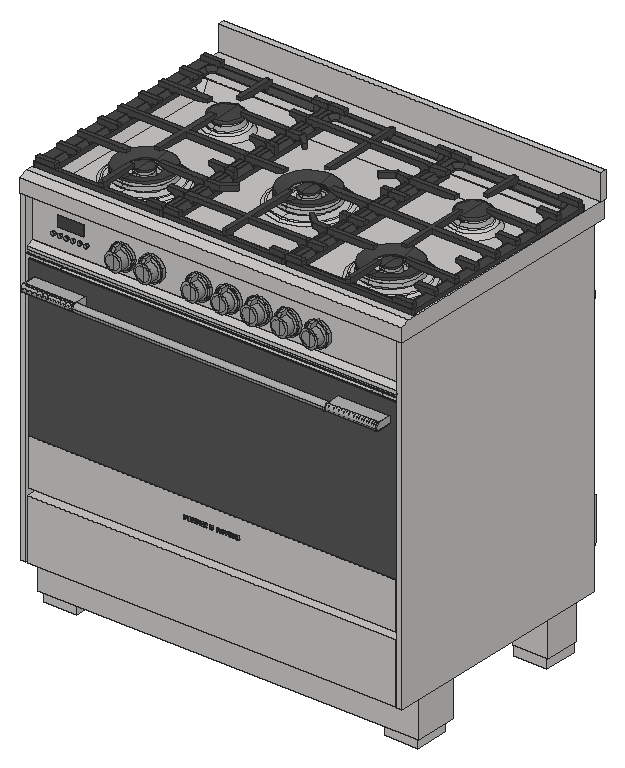
Revit family "FP_Revit_18_OR90SCG1LX1_Range_90001024A", category Specialty Equipment, Revit 2018 (continued)
Definition of nested family "F&P Burner Dual Wok"
  Forms (mm)
    Extrusion 3, void
      sketch origin (0, 0, 0) x (1, 0, 0) y (0, 1, 0)
        loop
          arc (12.297, -17.269) -> (0, -21.2) -> (-12.297, -17.269) r 21.2
          line (-12.297, -17.269) -> (-20.415, -31.33)
        loop
          line (31.085, 20.785) -> (18.844, 18.406)
          arc (18.844, 18.406) -> (17.093, 17.364) -> (16.404, 15.447) r 3.015
          line (16.404, 15.447) -> (16.404, 13.429)
          arc (16.404, 13.429) -> (20.975, 3.077) -> (19.571, -8.151) r 21.2
          line (19.571, -8.151) -> (28.703, -23.968)
          arc (28.703, -23.968) -> (37.341, -1.988) -> (31.085, 20.785) r 37.394
      from 19.121 to 23.2
    Revolve 4, solid, material <- "Material - Burners & Trivets", detail levels coarse+medium
      sketch origin (0, 0, 0) x (0, 1, 0) y (0, 0, 1)
        loop
          line (-67.134, 45.199) -> (-67.134, 23.2) -> (-36.35, 23.2) -> (-36.35, 36.951) -> (-67.134, 45.199)
        loop
          line (-21.2, 42.433) -> (-21.2, 23.2) -> (0, 23.2) -> (0, 42.433) -> (-21.2, 42.433)
        axis (0, 45.199) -> (0, 23.2)
      angle from 0 to 360
  Cuts and joins
    Extrusion 3 cuts Revolve 2
    Extrusion 3 cuts Revolve 1
  Dimensions and locks
    aligned and locked: level to plane 2
Definition of nested family "F&P Burner Semi Rapid"
  Parameters (values of type "F&P Burner Semi Rapid")
    URL = "www.fisherpaykel.com"
    Material - Burners & Trivets = none
    Material - Body = none
    Manufacturer = "Fisher & Paykel Appliances"
  Reference planes
    plane 1 "Center (Front/Back)": y = 0
    plane 2: z = 0
    plane 3 "Center (Left/Right)": x = 0
  Forms (mm)
    Revolve 1, solid, material <- "Material - Burners & Trivets", detail levels fine
      sketch origin (0, 0, 0) x (0, 1, 0) y (0, 0, 1)
        loop
          line (0, 18.4) -> (0, 21.9) -> (-34.1, 21.9)
          arc (-34.1, 21.9) -> (-36.575, 20.875) -> (-37.6, 18.4) r 3.5
          line (-37.6, 18.4) -> (0, 18.4)
        axis (0, 21.9) -> (0, 18.4)
      angle from 0 to 360
    Revolve 2, solid, material <- "Material - Body", detail levels fine
      sketch origin (0, 0, 0) x (0, 1, 0) y (0, 0, 1)
        loop
          line (0, 18.4) -> (-31, 18.4) -> (-33.046, 11.4) -> (-35, 11.4) -> (-38, 3) -> (0, 3) -> (0, 18.4)
        axis (0, 18.4) -> (0, 3)
      angle from 0 to 360
    Extrusion 3, solid, material <- "Material - Burners & Trivets", detail levels coarse+medium
      sketch origin (0, 0, 0) x (1, 0, 0) y (0, 1, 0)
        loop
          circle (0, 0) r 38
      from 0 to 22
  Dimensions and locks
    aligned and locked: level to plane 2
Definition of nested family "F&P Dial Range Classic"
  Parameters (values of type "F&P Dial Range Classic")
    URL = "www.fisherpaykel.com"
    Material - Buttons and Dials = none
    Manufacturer = "Fisher & Paykel Appliances"
  Reference planes
    plane 1 "Center (Front/Back)": y = 0
    plane 2: z = 0
    plane 3 "Center (Left/Right)": x = 0
  Forms (mm)
    Revolve 1, solid, material <- "Material - Buttons and Dials", detail levels medium+fine
      sketch origin (0, 0, 0) x (0, 1, 0) y (0, 0, 1)
        loop
          line (0, 0) -> (0, 29) -> (-6.292, 29) -> (-8.369, 26.525) -> (-2, 26.525) -> (-2, 25.14) -> (-7.39, 25.14) -> (-11.758, 20.772) -> (-29.187, 20.772) -> (-30.7, 16.28) -> (-30.7, 0) -> (0, 0)
        axis (0, 0) -> (-30.7, 0)
      angle from 0 to 360
    Extrusion 2, solid, material <- "Material - Buttons and Dials", detail levels fine
      sketch origin (0, 0, 0) x (0, 1, 0) y (0, 0, 1)
        loop
          line (-12.311, 20.772) -> (-12.311, 23.129) -> (-9.811, 25.629) -> (-9.811, 31.1) -> (-25.903, 31.1) -> (-29.187, 20.772) -> (-12.311, 20.772)
      from -3.05 to 3.05
    Revolve 3, solid, material <- "Material - Buttons and Dials", detail levels coarse
      sketch origin (0, 0, 0) x (0, 1, 0) y (0, 0, 1)
        loop
          line (-30.7, 0) -> (0, 0) -> (0, 29) -> (-8.369, 29) -> (-8.369, 20.772) -> (-30.7, 20.772) -> (-30.7, 0)
        axis (0, 0) -> (-30.7, 0)
      angle from 0 to 360
    Revolve 4, solid, material <- "Material - Buttons and Dials", detail levels fine
      sketch origin (0, 0, 0) x (0, 1, 0) y (0, 0, 1)
        loop
          line (-2, 26.525) -> (-7.39, 26.525) -> (-7.39, 25.14) -> (-2, 25.14) -> (-2, 26.525)
        axis (-2, 0) -> (-7.39, 0)
      angle from 0 to 360
  Dimensions and locks
    aligned and locked: level to plane 2
Definition of nested family "F&P Trivet Range Classic 90"
  Parameters (values of type "F&P Trivet Range Classic 90")
    URL = "www.fisherpaykel.com"
    Material - Burners & Trivets = none
    Manufacturer = "Fisher & Paykel Appliances"
  Reference planes
    plane 1 "Center (Front/Back)": y = 0
    plane 2: z = 0
    plane 3 "Center (Left/Right)": x = 0
  Forms (mm)
    Extrusion 1, solid, material <- "Material - Burners & Trivets", detail levels medium+fine
      sketch origin (0, 0, 0) x (1, 0, 0) y (0, 1, 0)
        loop
          arc (-298.9, 251.75) -> (-301.728, 250.578) -> (-302.9, 247.75) r 4
          line (-302.9, 247.75) -> (-302.9, -247.75)
          arc (-302.9, -247.75) -> (-301.728, -250.578) -> (-298.9, -251.75) r 4
          line (-298.9, -251.75) -> (-4.9, -251.75)
          arc (-4.9, -251.75) -> (-2.072, -250.578) -> (-0.9, -247.75) r 4
          line (-0.9, -247.75) -> (-0.9, 247.75)
          arc (-0.9, 247.75) -> (-2.072, 250.578) -> (-4.9, 251.75) r 4
          line (-4.9, 251.75) -> (-298.9, 251.75)
        loop
          arc (-31.7, -241.25) -> (-17.558, -235.392) -> (-11.7, -221.25) r 20
          line (-11.7, -221.25) -> (-11.7, 221.25)
          arc (-11.7, 221.25) -> (-17.558, 235.392) -> (-31.7, 241.25) r 20
          line (-31.7, 241.25) -> (-259.31, 241.25)
          arc (-259.31, 241.25) -> (-273.452, 235.392) -> (-279.31, 221.25) r 20
          line (-279.31, 221.25) -> (-279.31, -221.25)
          arc (-279.31, -221.25) -> (-273.452, -235.392) -> (-259.31, -241.25) r 20
          line (-259.31, -241.25) -> (-31.7, -241.25)
      from 9.493 to 19
    Sweep 2, solid, material <- "Material - Burners & Trivets", detail levels medium+fine
      path in 3D
        loop
          arc (-279.31, 221.25, 19) -> (-273.452, 235.392, 19) -> (-259.31, 241.25, 19) r 20
          line (-259.31, 241.25, 19) -> (-31.7, 241.25, 19)
          arc (-31.7, 241.25, 19) -> (-17.558, 235.392, 19) -> (-11.7, 221.25, 19) r 20
          line (-11.7, 221.25, 19) -> (-11.7, -221.25, 19)
          arc (-11.7, -221.25, 19) -> (-17.558, -235.392, 19) -> (-31.7, -241.25, 19) r 20
          line (-31.7, -241.25, 19) -> (-259.31, -241.25, 19)
          arc (-259.31, -241.25, 19) -> (-273.452, -235.392, 19) -> (-279.31, -221.25, 19) r 20
          line (-279.31, -221.25, 19) -> (-279.31, 221.25, 19)
      profile origin (-279.31, 0, 19) x (-1, 0, 0) y (0, 0, 1)
        loop
          line (0, 0) -> (-10.55, -9.507) -> (-10.55, -19) -> (0, -19) -> (0, 0)
    Extrusion 3, solid, material <- "Material - Burners & Trivets", detail levels medium+fine
      sketch origin (0, 0, 0) x (1, 0, 0) y (0, 0, 1)
        loop
          line (-298.89, 19) -> (-279.31, 19) -> (-268.76, 9.493) -> (-268.76, 13.504)
          arc (-268.76, 13.504) -> (-267.798, 16.453) -> (-265.283, 18.267) r 5
          line (-265.283, 18.267) -> (-252.67, 22.3) -> (-252.67, 27.3)
          arc (-252.67, 27.3) -> (-253.549, 29.421) -> (-255.67, 30.3) r 3
          line (-255.67, 30.3) -> (-295.89, 30.3)
          arc (-295.89, 30.3) -> (-298.011, 29.421) -> (-298.89, 27.3) r 3
          line (-298.89, 27.3) -> (-298.89, 19)
        loop
          line (-0.9, 19) -> (-0.9, 27.3)
          arc (-0.9, 27.3) -> (-1.779, 29.421) -> (-3.9, 30.3) r 3
          line (-3.9, 30.3) -> (-38.33, 30.3) -> (-38.33, 22.298) -> (-25.717, 18.266)
          arc (-25.717, 18.266) -> (-23.202, 16.451) -> (-22.24, 13.503) r 5
          line (-22.24, 13.503) -> (-22.24, 9.507) -> (-11.705, 19) -> (-0.9, 19)
      from 174.48 to 185.18
    Extrusion 4, solid, material <- "Material - Burners & Trivets", detail levels medium+fine
      sketch origin (0, 0, 0) x (1, 0, 0) y (0, 0, 1)
        loop
          line (-252.67, 19) -> (-252.67, 27.3)
          arc (-252.67, 27.3) -> (-253.549, 29.421) -> (-255.67, 30.3) r 3
          line (-255.67, 30.3) -> (-295.89, 30.3)
          arc (-295.89, 30.3) -> (-298.011, 29.421) -> (-298.89, 27.3) r 3
          line (-298.89, 27.3) -> (-298.89, 19) -> (-252.67, 19)
        loop
          line (-0.9, 19) -> (-0.9, 27.3)
          arc (-0.9, 27.3) -> (-1.779, 29.421) -> (-3.9, 30.3) r 3
          line (-3.9, 30.3) -> (-35.33, 30.3)
          arc (-35.33, 30.3) -> (-37.451, 29.421) -> (-38.33, 27.3) r 3
          line (-38.33, 27.3) -> (-38.33, 19) -> (-0.9, 19)
      from 238.25 to 248.23
    Extrusion 5, solid, material <- "Material - Burners & Trivets", detail levels medium+fine
      sketch origin (0, 0, 0) x (1, 0, 0) y (0, 0, 1)
        loop
          line (-298.89, 19) -> (-279.31, 19) -> (-268.76, 9.493) -> (-268.76, 13.3)
          arc (-268.76, 13.3) -> (-267.296, 16.836) -> (-263.76, 18.3) r 5
          line (-263.76, 18.3) -> (-208.4, 18.3) -> (-183.4, 23.8) -> (-183.4, 30.3) -> (-295.89, 30.3)
          arc (-295.89, 30.3) -> (-298.011, 29.421) -> (-298.89, 27.3) r 3
          line (-298.89, 27.3) -> (-298.89, 19)
        loop
          line (-0.9, 19) -> (-0.9, 27.3)
          arc (-0.9, 27.3) -> (-1.779, 29.421) -> (-3.9, 30.3) r 3
          line (-3.9, 30.3) -> (-107.6, 30.3) -> (-107.6, 23.8) -> (-82.6, 18.3) -> (-27.24, 18.3)
          arc (-27.24, 18.3) -> (-23.704, 16.836) -> (-22.24, 13.3) r 5
          line (-22.24, 13.3) -> (-22.24, 9.507) -> (-11.705, 19) -> (-0.9, 19)
      from 114.52 to 125.22
    Extrusion 6, solid, material <- "Material - Burners & Trivets", detail levels medium+fine
      sketch origin (0, 0, 0) x (0, 1, 0) y (0, 0, 1)
        loop
          line (-230.721, 9.512) -> (-230.721, 14)
          arc (-230.721, 14) -> (-229.257, 17.536) -> (-225.721, 19) r 5
          line (-225.721, 19) -> (-179.278, 19) -> (-157.46, 23.8) -> (-157.46, 30.3) -> (-243.58, 30.3)
          arc (-243.58, 30.3) -> (-245.701, 29.421) -> (-246.58, 27.3) r 3
          line (-246.58, 27.3) -> (-246.58, 19) -> (-241.25, 19) -> (-230.721, 9.512)
        loop
          line (-5.82, 18.3) -> (-5.82, 30.3) -> (-82.12, 30.3) -> (-82.12, 23.8) -> (-57.12, 18.3) -> (-5.82, 18.3)
        loop
          line (230.721, 9.514) -> (241.248, 19) -> (246.58, 19) -> (246.58, 27.3)
          arc (246.58, 27.3) -> (245.701, 29.421) -> (243.58, 30.3) r 3
          line (243.58, 30.3) -> (157.46, 30.3) -> (157.46, 23.8) -> (182.46, 18.3) -> (225.721, 18.3)
          arc (225.721, 18.3) -> (229.257, 16.836) -> (230.721, 13.3) r 5
          line (230.721, 13.3) -> (230.721, 9.514)
        loop
          line (5.82, 18.3) -> (57.12, 18.3) -> (82.12, 23.8) -> (82.12, 30.3) -> (5.82, 30.3) -> (5.82, 18.3)
      from -150.604 to -140.396
    Extrusion 7, solid, material <- "Material - Burners & Trivets", detail levels medium+fine
      sketch origin (0, 0, 0) x (1, 0, 0) y (0, 0, 1)
        loop
          line (-298.89, 19) -> (-279.31, 19) -> (-268.76, 9.493) -> (-268.76, 13.3)
          arc (-268.76, 13.3) -> (-267.296, 16.836) -> (-263.76, 18.3) r 5
          line (-263.76, 18.3) -> (-27.24, 18.3)
          arc (-27.24, 18.3) -> (-23.704, 16.836) -> (-22.24, 13.3) r 5
          line (-22.24, 13.3) -> (-22.24, 9.507) -> (-11.705, 19) -> (-0.9, 19) -> (-0.9, 27.3)
          arc (-0.9, 27.3) -> (-1.779, 29.421) -> (-3.9, 30.3) r 3
          line (-3.9, 30.3) -> (-295.89, 30.3)
          arc (-295.89, 30.3) -> (-298.011, 29.421) -> (-298.89, 27.3) r 3
          line (-298.89, 27.3) -> (-298.89, 19)
      from -5.82 to 5.82
    Extrusion 8, solid, material <- "Material - Burners & Trivets", detail levels coarse
      sketch origin (0, 0, 0) x (1, 0, 0) y (0, 1, 0)
        loop
          line (-302.9, 251.75) -> (-302.9, -251.75) -> (-0.9, -251.75) -> (-0.9, 251.75) -> (-302.9, 251.75)
        loop
          line (-268.76, 230.7) -> (-268.76, -230.7) -> (-22.25, -230.7) -> (-22.25, 230.7) -> (-268.76, 230.7)
      from 9.493 to 19
    Extrusion 9, solid, detail levels coarse
      sketch origin (0, 0, 0) x (1, 0, 0) y (0, 1, 0)
        loop
          line (-150.604, 246.58) -> (-150.604, 125.22) -> (-298.89, 125.22) -> (-298.89, 114.52) -> (-150.604, 114.52) -> (-150.604, 5.82) -> (-298.89, 5.82) -> (-298.89, -5.82) -> (-150.604, -5.82) -> (-150.604, -114.52) -> (-298.89, -114.52) -> (-298.89, -125.22) -> (-150.604, -125.22) -> (-150.604, -246.58) -> (-140.396, -246.58) -> (-140.396, -125.22) -> (-0.9, -125.22) -> (-0.9, -114.52) -> (-140.396, -114.52) -> (-140.396, -5.82) -> (-0.9, -5.82) -> (-0.9, 5.82) -> (-140.396, 5.82) -> (-140.396, 114.52) -> (-0.9, 114.52) -> (-0.9, 125.22) -> (-140.396, 125.22) -> (-140.396, 246.58) -> (-150.604, 246.58)
      from 19 to 30.3
    Extrusion 10, solid, material <- "Material - Burners & Trivets", detail levels medium+fine
      sketch origin (0, -239.74, 0) x (1, 0, 0) y (0, 0, -1)
        loop
          line (-298.89, -19) -> (-298.89, -27.3)
          arc (-298.89, -27.3) -> (-298.011, -29.421) -> (-295.89, -30.3) r 3
          line (-295.89, -30.3) -> (-255.67, -30.3)
          arc (-255.67, -30.3) -> (-253.549, -29.421) -> (-252.67, -27.3) r 3
          line (-252.67, -27.3) -> (-252.67, -22.3) -> (-265.283, -18.267)
          arc (-265.283, -18.267) -> (-267.798, -16.453) -> (-268.76, -13.504) r 5
          line (-268.76, -13.504) -> (-268.76, -9.493) -> (-279.31, -19) -> (-298.89, -19)
        loop
          line (-0.9, -19) -> (-11.705, -19) -> (-22.24, -9.507) -> (-22.24, -13.503)
          arc (-22.24, -13.503) -> (-23.202, -16.451) -> (-25.717, -18.266) r 5
          line (-25.717, -18.266) -> (-38.33, -22.298) -> (-38.33, -30.3) -> (-3.9, -30.3)
          arc (-3.9, -30.3) -> (-1.779, -29.421) -> (-0.9, -27.3) r 3
          line (-0.9, -27.3) -> (-0.9, -19)
      from 174.48 to 185.18
    Extrusion 11, solid, material <- "Material - Burners & Trivets", detail levels medium+fine
      sketch origin (0, 239.74, 0) x (1, 0, 0) y (0, 0, 1)
        loop
          line (-298.89, 19) -> (-279.31, 19) -> (-268.76, 9.493) -> (-268.76, 13.504)
          arc (-268.76, 13.504) -> (-267.798, 16.453) -> (-265.283, 18.267) r 5
          line (-265.283, 18.267) -> (-252.67, 22.3) -> (-252.67, 27.3)
          arc (-252.67, 27.3) -> (-253.549, 29.421) -> (-255.67, 30.3) r 3
          line (-255.67, 30.3) -> (-295.89, 30.3)
          arc (-295.89, 30.3) -> (-298.011, 29.421) -> (-298.89, 27.3) r 3
          line (-298.89, 27.3) -> (-298.89, 19)
        loop
          line (-0.9, 19) -> (-0.9, 27.3)
          arc (-0.9, 27.3) -> (-1.779, 29.421) -> (-3.9, 30.3) r 3
          line (-3.9, 30.3) -> (-38.33, 30.3) -> (-38.33, 22.298) -> (-25.717, 18.266)
          arc (-25.717, 18.266) -> (-23.202, 16.451) -> (-22.24, 13.503) r 5
          line (-22.24, 13.503) -> (-22.24, 9.507) -> (-11.705, 19) -> (-0.9, 19)
      from 174.48 to 185.18
    Extrusion 12, solid, material <- "Material - Burners & Trivets", detail levels medium+fine
      sketch origin (0, 0, 0) x (1, 0, 0) y (0, 0, -1)
        loop
          line (-298.89, -19) -> (-298.89, -27.3)
          arc (-298.89, -27.3) -> (-298.011, -29.421) -> (-295.89, -30.3) r 3
          line (-295.89, -30.3) -> (-255.67, -30.3)
          arc (-255.67, -30.3) -> (-253.549, -29.421) -> (-252.67, -27.3) r 3
          line (-252.67, -27.3) -> (-252.67, -22.3) -> (-265.283, -18.267)
          arc (-265.283, -18.267) -> (-267.798, -16.453) -> (-268.76, -13.504) r 5
          line (-268.76, -13.504) -> (-268.76, -9.493) -> (-279.31, -19) -> (-298.89, -19)
        loop
          line (-0.9, -19) -> (-11.705, -19) -> (-22.24, -9.507) -> (-22.24, -13.503)
          arc (-22.24, -13.503) -> (-23.202, -16.451) -> (-25.717, -18.266) r 5
          line (-25.717, -18.266) -> (-38.33, -22.298) -> (-38.33, -30.3) -> (-3.9, -30.3)
          arc (-3.9, -30.3) -> (-1.779, -29.421) -> (-0.9, -27.3) r 3
          line (-0.9, -27.3) -> (-0.9, -19)
      from 174.48 to 185.18
    Extrusion 13, solid, material <- "Material - Burners & Trivets", detail levels medium+fine
      sketch origin (0, 0, 0) x (1, 0, 0) y (0, 0, -1)
        loop
          line (-298.89, -19) -> (-298.89, -27.3)
          arc (-298.89, -27.3) -> (-298.011, -29.421) -> (-295.89, -30.3) r 3
          line (-295.89, -30.3) -> (-183.4, -30.3) -> (-183.4, -23.8) -> (-208.4, -18.3) -> (-263.76, -18.3)
          arc (-263.76, -18.3) -> (-267.296, -16.836) -> (-268.76, -13.3) r 5
          line (-268.76, -13.3) -> (-268.76, -9.493) -> (-279.31, -19) -> (-298.89, -19)
        loop
          line (-0.9, -19) -> (-11.705, -19) -> (-22.24, -9.507) -> (-22.24, -13.3)
          arc (-22.24, -13.3) -> (-23.704, -16.836) -> (-27.24, -18.3) r 5
          line (-27.24, -18.3) -> (-82.6, -18.3) -> (-107.6, -23.8) -> (-107.6, -30.3) -> (-3.9, -30.3)
          arc (-3.9, -30.3) -> (-1.779, -29.421) -> (-0.9, -27.3) r 3
          line (-0.9, -27.3) -> (-0.9, -19)
      from 114.52 to 125.22
    Extrusion 14, solid, material <- "Material - Burners & Trivets", detail levels medium+fine
      sketch origin (0, 0, 0) x (1, 0, 0) y (0, 0, -1)
        loop
          line (-252.67, -19) -> (-298.89, -19) -> (-298.89, -27.3)
          arc (-298.89, -27.3) -> (-298.011, -29.421) -> (-295.89, -30.3) r 3
          line (-295.89, -30.3) -> (-255.67, -30.3)
          arc (-255.67, -30.3) -> (-253.549, -29.421) -> (-252.67, -27.3) r 3
          line (-252.67, -27.3) -> (-252.67, -19)
        loop
          line (-0.9, -19) -> (-38.33, -19) -> (-38.33, -27.3)
          arc (-38.33, -27.3) -> (-37.451, -29.421) -> (-35.33, -30.3) r 3
          line (-35.33, -30.3) -> (-3.9, -30.3)
          arc (-3.9, -30.3) -> (-1.779, -29.421) -> (-0.9, -27.3) r 3
          line (-0.9, -27.3) -> (-0.9, -19)
      from 238.25 to 248.23
  Cuts and joins
    joined: Extrusion 6, Extrusion 7
  Lines and regions (mm)
    sketch lines
      curve 1: line (-279.31, -221.25, 19) -> (-279.31, 221.25, 19)
      curve 2: arc (-279.31, -221.25, 19) -> (-273.452, -235.392, 19) -> (-259.31, -241.25, 19) r 20
      curve 3: line (-31.7, -241.25, 19) -> (-259.31, -241.25, 19)
      curve 4: line (-11.7, 221.25, 19) -> (-11.7, -221.25, 19)
      curve 5: arc (-31.7, -241.25, 19) -> (-17.558, -235.392, 19) -> (-11.7, -221.25, 19) r 20
      curve 6: arc (-11.7, 221.25, 19) -> (-17.558, 235.392, 19) -> (-31.7, 241.25, 19) r 20
      curve 7: line (-259.31, 241.25, 19) -> (-31.7, 241.25, 19)
      curve 8: arc (-259.31, 241.25, 19) -> (-273.452, 235.392, 19) -> (-279.31, 221.25, 19) r 20
  Dimensions and locks
    aligned and locked: level to plane 2
Definition of nested family "F&P Trivet Range Classic Centre 90"
  Parameters (values of type "F&P Trivet Range Classic Centre 90")
    URL = "www.fisherpaykel.com"
    Material - Burners & Trivets = none
    Manufacturer = "Fisher & Paykel Appliances"
  Reference planes
    plane 1 "Center (Front/Back)": y = 0
    plane 2: z = 0
    plane 3 "Center (Left/Right)": x = 0
  Forms (mm)
    Extrusion 1, solid, material <- "Material - Burners & Trivets", detail levels medium+fine
      sketch origin (0, 0, 0) x (1, 0, 0) y (0, 1, 0)
        loop
          arc (-139, 251.75) -> (-141.828, 250.578) -> (-143, 247.75) r 4
          line (-143, 247.75) -> (-143, -247.75)
          arc (-143, -247.75) -> (-141.828, -250.578) -> (-139, -251.75) r 4
          line (-139, -251.75) -> (139, -251.75)
          arc (139, -251.75) -> (141.828, -250.578) -> (143, -247.75) r 4
          line (143, -247.75) -> (143, 247.75)
          arc (143, 247.75) -> (141.828, 250.578) -> (139, 251.75) r 4
          line (139, 251.75) -> (-139, 251.75)
        loop
          arc (115.32, -241.25) -> (129.462, -235.392) -> (135.32, -221.25) r 20
          line (135.32, -221.25) -> (135.32, 221.25)
          arc (135.32, 221.25) -> (129.462, 235.392) -> (115.32, 241.25) r 20
          line (115.32, 241.25) -> (-115.23, 241.25)
          arc (-115.23, 241.25) -> (-129.372, 235.392) -> (-135.23, 221.25) r 20
          line (-135.23, 221.25) -> (-135.23, -221.25)
          arc (-135.23, -221.25) -> (-129.372, -235.392) -> (-115.23, -241.25) r 20
          line (-115.23, -241.25) -> (115.32, -241.25)
      from 9.493 to 19
    Sweep 2, solid, material <- "Material - Burners & Trivets", detail levels medium+fine
      path in 3D
        loop
          arc (-135.23, 221.25, 19) -> (-129.372, 235.392, 19) -> (-115.23, 241.25, 19) r 20
          line (-115.23, 241.25, 19) -> (115.32, 241.25, 19)
          arc (115.32, 241.25, 19) -> (129.462, 235.392, 19) -> (135.32, 221.25, 19) r 20
          line (135.32, 221.25, 19) -> (135.32, -221.25, 19)
          arc (135.32, -221.25, 19) -> (129.462, -235.392, 19) -> (115.32, -241.25, 19) r 20
          line (115.32, -241.25, 19) -> (-115.23, -241.25, 19)
          arc (-115.23, -241.25, 19) -> (-129.372, -235.392, 19) -> (-135.23, -221.25, 19) r 20
          line (-135.23, -221.25, 19) -> (-135.23, 221.25, 19)
      profile origin (-135.23, 0, 19) x (-1, 0, 0) y (0, 0, 1)
        loop
          line (0, 0) -> (-10.55, -9.507) -> (-10.55, -19) -> (0, -19) -> (0, 0)
    Extrusion 3, solid, material <- "Material - Burners & Trivets", detail levels medium+fine
      sketch origin (0, 0, 0) x (1, 0, 0) y (0, 0, 1)
        loop
          line (-143, 19) -> (-135.23, 19) -> (-124.671, 9.484) -> (-124.671, 27.3)
          arc (-124.671, 27.3) -> (-125.549, 29.421) -> (-127.671, 30.3) r 3
          line (-127.671, 30.3) -> (-140, 30.3)
          arc (-140, 30.3) -> (-142.121, 29.421) -> (-143, 27.3) r 3
          line (-143, 27.3) -> (-143, 19)
        loop
          line (143, 19) -> (143, 27.3)
          arc (143, 27.3) -> (142.121, 29.421) -> (140, 30.3) r 3
          line (140, 30.3) -> (127.77, 30.3)
          arc (127.77, 30.3) -> (125.649, 29.421) -> (124.77, 27.3) r 3
          line (124.77, 27.3) -> (124.77, 9.493) -> (135.32, 19) -> (143, 19)
      from 54.96 to 65.66
    Extrusion 4, solid, material <- "Material - Burners & Trivets", detail levels medium+fine
      sketch origin (0, 0, 0) x (1, 0, 0) y (0, 0, 1)
        loop
          line (-106.97, 19) -> (-106.97, 27.3)
          arc (-106.97, 27.3) -> (-107.849, 29.421) -> (-109.97, 30.3) r 3
          line (-109.97, 30.3) -> (-140, 30.3)
          arc (-140, 30.3) -> (-142.121, 29.421) -> (-143, 27.3) r 3
          line (-143, 27.3) -> (-143, 19) -> (-106.97, 19)
        loop
          line (143, 19) -> (143, 27.3)
          arc (143, 27.3) -> (142.121, 29.421) -> (140, 30.3) r 3
          line (140, 30.3) -> (109.97, 30.3)
          arc (109.97, 30.3) -> (107.849, 29.421) -> (106.97, 27.3) r 3
          line (106.97, 27.3) -> (106.97, 19) -> (143, 19)
      from 238.25 to 248.23
    Extrusion 5, solid, material <- "Material - Burners & Trivets", detail levels medium+fine
      sketch origin (0, 0, 0) x (1, 0, 0) y (0, 0, 1)
        loop
          line (-143, 19) -> (-135.23, 19) -> (-124.671, 9.484) -> (-124.671, 14)
          arc (-124.671, 14) -> (-123.206, 17.536) -> (-119.671, 19) r 5
          line (-119.671, 19) -> (-73.203, 19) -> (-54.5, 24.611) -> (-54.5, 30.3) -> (-140, 30.3)
          arc (-140, 30.3) -> (-142.121, 29.421) -> (-143, 27.3) r 3
          line (-143, 27.3) -> (-143, 19)
        loop
          line (143, 19) -> (143, 27.3)
          arc (143, 27.3) -> (142.121, 29.421) -> (140, 30.3) r 3
          line (140, 30.3) -> (54.5, 30.3) -> (54.5, 24.201) -> (71.837, 19) -> (119.77, 19)
          arc (119.77, 19) -> (123.306, 17.536) -> (124.77, 14) r 5
          line (124.77, 14) -> (124.77, 9.493) -> (135.32, 19) -> (143, 19)
      from -5.82 to 5.82
    Extrusion 6, solid, material <- "Material - Burners & Trivets", detail levels medium+fine
      sketch origin (0, 0, 0) x (0, 1, 0) y (0, 0, 1)
        loop
          line (-230.721, 9.512) -> (-230.721, 14)
          arc (-230.721, 14) -> (-229.257, 17.536) -> (-225.721, 19) r 5
          line (-225.721, 19) -> (-185.18, 19) -> (-185.18, 30.288) -> (-243.58, 30.288)
          arc (-243.58, 30.288) -> (-245.701, 29.409) -> (-246.58, 27.288) r 3
          line (-246.58, 27.288) -> (-246.58, 19) -> (-241.25, 19) -> (-230.721, 9.512)
        loop
          line (-54.96, 24.638) -> (-54.96, 30.288) -> (-174.48, 30.288) -> (-174.48, 19) -> (-73.63, 19) -> (-54.96, 24.638)
        loop
          line (230.721, 9.514) -> (241.248, 19) -> (246.58, 19) -> (246.58, 27.288)
          arc (246.58, 27.288) -> (245.701, 29.409) -> (243.58, 30.288) r 3
          line (243.58, 30.288) -> (185.18, 30.288) -> (185.18, 19) -> (225.721, 19)
          arc (225.721, 19) -> (229.257, 17.536) -> (230.721, 14) r 5
          line (230.721, 14) -> (230.721, 9.514)
        loop
          line (54.96, 30.288) -> (54.96, 24.638) -> (73.63, 19) -> (174.48, 19) -> (174.48, 30.288) -> (54.96, 30.288)
      from -5.104 to 5.104
    Extrusion 7, solid, material <- "Material - Burners & Trivets", detail levels medium+fine
      sketch origin (0, 0, 0) x (1, 0, 0) y (0, 0, 1)
        loop
          line (-143, 19) -> (-135.23, 19) -> (-124.671, 9.484) -> (-124.671, 14)
          arc (-124.671, 14) -> (-123.206, 17.536) -> (-119.671, 19) r 5
          line (-119.671, 19) -> (-112.17, 19) -> (-112.17, 30.3) -> (-140, 30.3)
          arc (-140, 30.3) -> (-142.121, 29.421) -> (-143, 27.3) r 3
          line (-143, 27.3) -> (-143, 19)
        loop
          line (140, 30.3) -> (112.17, 30.3) -> (112.17, 19) -> (119.77, 19)
          arc (119.77, 19) -> (123.306, 17.536) -> (124.77, 14) r 5
          line (124.77, 14) -> (124.77, 9.493) -> (135.32, 19) -> (143, 19) -> (143, 27.3)
          arc (143, 27.3) -> (142.121, 29.421) -> (140, 30.3) r 3
      from 114.52 to 125.22
    Extrusion 8, solid, material <- "Material - Burners & Trivets", detail levels coarse
      sketch origin (0, 0, 0) x (1, 0, 0) y (0, 1, 0)
        loop
          line (-143, 251.75) -> (-143, -251.75) -> (143, -251.75) -> (143, 251.75) -> (-143, 251.75)
        loop
          line (-124.671, 230.7) -> (-124.671, -230.7) -> (124.77, -230.7) -> (124.77, 230.7) -> (-124.671, 230.7)
      from 9.493 to 19
    Extrusion 9, solid, material <- "Material - Burners & Trivets", detail levels medium+fine
      sketch origin (0, 0, 0) x (1, 0, 0) y (0, 0, 1)
        loop
          line (-143, 19) -> (-135.23, 19) -> (-124.671, 9.484) -> (-124.671, 14)
          arc (-124.671, 14) -> (-123.206, 17.536) -> (-119.671, 19) r 5
          line (-119.671, 19) -> (119.77, 19)
          arc (119.77, 19) -> (123.306, 17.536) -> (124.77, 14) r 5
          line (124.77, 14) -> (124.77, 9.493) -> (135.32, 19) -> (143, 19) -> (143, 27.3)
          arc (143, 27.3) -> (142.121, 29.421) -> (140, 30.3) r 3
          line (140, 30.3) -> (-140, 30.3)
          arc (-140, 30.3) -> (-142.121, 29.421) -> (-143, 27.3) r 3
          line (-143, 27.3) -> (-143, 19)
      from 174.48 to 185.18
    Extrusion 10, solid, material <- "Material - Burners & Trivets", detail levels medium+fine
      sketch origin (0, 0, 0) x (1, 0, 0) y (0, 1, 0)
        loop
          line (-112.17, -114.52) -> (-112.17, -125.22) -> (-108.846, -125.22) -> (-83.515, -99.889) -> (-88.797, -94.607) -> (-112.17, -114.52)
        loop
          line (112.17, -114.52) -> (88.797, -94.607) -> (83.515, -99.889) -> (108.846, -125.22) -> (112.17, -125.22) -> (112.17, -114.52)
      from 19 to 30.3
    Extrusion 11, solid, material <- "Material - Burners & Trivets", detail levels medium+fine
      sketch origin (0, 0, 0) x (1, 0, 0) y (0, 0, -1)
        loop
          line (-143, -19) -> (-143, -27.3)
          arc (-143, -27.3) -> (-142.121, -29.421) -> (-140, -30.3) r 3
          line (-140, -30.3) -> (-127.671, -30.3)
          arc (-127.671, -30.3) -> (-125.549, -29.421) -> (-124.671, -27.3) r 3
          line (-124.671, -27.3) -> (-124.671, -9.484) -> (-135.23, -19) -> (-143, -19)
        loop
          line (143, -19) -> (135.32, -19) -> (124.77, -9.493) -> (124.77, -27.3)
          arc (124.77, -27.3) -> (125.649, -29.421) -> (127.77, -30.3) r 3
          line (127.77, -30.3) -> (140, -30.3)
          arc (140, -30.3) -> (142.121, -29.421) -> (143, -27.3) r 3
          line (143, -27.3) -> (143, -19)
      from 54.96 to 65.66
    Extrusion 12, solid, material <- "Material - Burners & Trivets", detail levels medium+fine
      sketch origin (0, 0, 0) x (1, 0, 0) y (0, 0, -1)
        loop
          line (-106.97, -19) -> (-143, -19) -> (-143, -27.3)
          arc (-143, -27.3) -> (-142.121, -29.421) -> (-140, -30.3) r 3
          line (-140, -30.3) -> (-109.97, -30.3)
          arc (-109.97, -30.3) -> (-107.849, -29.421) -> (-106.97, -27.3) r 3
          line (-106.97, -27.3) -> (-106.97, -19)
        loop
          line (143, -19) -> (106.97, -19) -> (106.97, -27.3)
          arc (106.97, -27.3) -> (107.849, -29.421) -> (109.97, -30.3) r 3
          line (109.97, -30.3) -> (140, -30.3)
          arc (140, -30.3) -> (142.121, -29.421) -> (143, -27.3) r 3
          line (143, -27.3) -> (143, -19)
      from 238.25 to 248.23
    Extrusion 13, solid, material <- "Material - Burners & Trivets", detail levels medium+fine
      sketch origin (0, 0, 0) x (1, 0, 0) y (0, 0, -1)
        loop
          line (-143, -19) -> (-143, -27.3)
          arc (-143, -27.3) -> (-142.121, -29.421) -> (-140, -30.3) r 3
          line (-140, -30.3) -> (-112.17, -30.3) -> (-112.17, -19) -> (-119.671, -19)
          arc (-119.671, -19) -> (-123.206, -17.536) -> (-124.671, -14) r 5
          line (-124.671, -14) -> (-124.671, -9.484) -> (-135.23, -19) -> (-143, -19)
        loop
          arc (140, -30.3) -> (142.121, -29.421) -> (143, -27.3) r 3
          line (143, -27.3) -> (143, -19) -> (135.32, -19) -> (124.77, -9.493) -> (124.77, -14)
          arc (124.77, -14) -> (123.306, -17.536) -> (119.77, -19) r 5
          line (119.77, -19) -> (112.17, -19) -> (112.17, -30.3) -> (140, -30.3)
      from 114.52 to 125.22
    Extrusion 14, solid, material <- "Material - Burners & Trivets", detail levels medium+fine
      sketch origin (0, 0, 0) x (1, 0, 0) y (0, 0, -1)
        loop
          line (-143, -19) -> (-143, -27.3)
          arc (-143, -27.3) -> (-142.121, -29.421) -> (-140, -30.3) r 3
          line (-140, -30.3) -> (140, -30.3)
          arc (140, -30.3) -> (142.121, -29.421) -> (143, -27.3) r 3
          line (143, -27.3) -> (143, -19) -> (135.32, -19) -> (124.77, -9.493) -> (124.77, -14)
          arc (124.77, -14) -> (123.306, -17.536) -> (119.77, -19) r 5
          line (119.77, -19) -> (-119.671, -19)
          arc (-119.671, -19) -> (-123.206, -17.536) -> (-124.671, -14) r 5
          line (-124.671, -14) -> (-124.671, -9.484) -> (-135.23, -19) -> (-143, -19)
      from 174.48 to 185.18
    Extrusion 15, solid, material <- "Material - Burners & Trivets", detail levels medium+fine
      sketch origin (0, 0, 0) x (1, 0, 0) y (0, 1, 0)
        loop
          line (-112.17, 114.52) -> (-88.797, 94.607) -> (-83.515, 99.889) -> (-108.846, 125.22) -> (-112.17, 125.22) -> (-112.17, 114.52)
        loop
          line (112.17, 114.52) -> (112.17, 125.22) -> (108.846, 125.22) -> (83.515, 99.889) -> (88.797, 94.607) -> (112.17, 114.52)
      from 19 to 30.3
    Extrusion 16, solid, material <- "Material - Burners & Trivets", detail levels coarse
      sketch origin (0, 0, 0) x (1, 0, 0) y (0, 1, 0)
        loop
          line (-5.104, 246.58) -> (-5.104, 185.18) -> (-143, 185.18) -> (-143, 174.48) -> (-5.104, 174.48) -> (-5.104, 5.82) -> (-143, 5.82) -> (-143, -5.82) -> (-5.104, -5.82) -> (-5.104, -174.48) -> (-143, -174.48) -> (-143, -185.18) -> (-5.104, -185.18) -> (-5.104, -246.58) -> (5.104, -246.58) -> (5.104, -185.18) -> (143, -185.18) -> (143, -174.48) -> (5.104, -174.48) -> (5.104, -5.82) -> (143, -5.82) -> (143, 5.82) -> (5.104, 5.82) -> (5.104, 174.48) -> (143, 174.48) -> (143, 185.18) -> (5.104, 185.18) -> (5.104, 246.58) -> (-5.104, 246.58)
      from 18.3 to 30.3
  Cuts and joins
    joined: Extrusion 6, Extrusion 7, Extrusion 9, Extrusion 10
  Lines and regions (mm)
    sketch lines
      curve 1: line (-135.23, -221.25, 19) -> (-135.23, 221.25, 19)
      curve 2: arc (-135.23, -221.25, 19) -> (-129.372, -235.392, 19) -> (-115.23, -241.25, 19) r 20
      curve 3: line (115.32, -241.25, 19) -> (-115.23, -241.25, 19)
      curve 4: line (135.32, 221.25, 19) -> (135.32, -221.25, 19)
      curve 5: arc (115.32, -241.25, 19) -> (129.462, -235.392, 19) -> (135.32, -221.25, 19) r 20
      curve 6: arc (135.32, 221.25, 19) -> (129.462, 235.392, 19) -> (115.32, 241.25, 19) r 20
      curve 7: line (-115.23, 241.25, 19) -> (115.32, 241.25, 19)
      curve 8: arc (-115.23, 241.25, 19) -> (-129.372, 235.392, 19) -> (-135.23, 221.25, 19) r 20
  Dimensions and locks
    aligned and locked: level to plane 2
Definition of nested family "F&P Handle Contemporary Round - Horizontal"
  Parameters (values of type "F&P Handle Contemporary Round - Horizontal")
    URL = "www.fisherpaykel.com"
    Product - Width = 834 mm
    Material - Handle = none
    Manufacturer = "Fisher & Paykel Appliances"
  Reference planes
    plane 1 "Center (Front/Back)": y = 0
    plane 2: z = 0
    plane 3 "Center (Left/Right)": x = 0
    plane 4 "Product LHS": x = -417
    plane 5 "Product RHS": x = 417
    plane 6 "LHS Standoff": x = -296.995
    plane 7 "RHS Standoff": x = 297.005
  Forms (mm)
    Extrusion 1, solid, material <- "Material - Handle", detail levels medium+fine
      sketch origin (0, 0, 0) x (0, 1, 0) y (0, 0, 1)
        loop
          circle (-32.3, 0) r 8.7
      from -296.995 to 297.005
    Extrusion 2, solid, material <- "Material - Handle", detail levels fine
      sketch origin (0, 0, 0) x (0, 1, 0) y (0, 0, 1)
        loop
          line (0, 8.7) -> (-32.3, 8.7)
          arc (-32.3, 8.7) -> (-41, 0) -> (-32.3, -8.7) r 8.7
          line (-32.3, -8.7) -> (0, -8.7) -> (0, 8.7)
      from 297.005 to 417
    Extrusion 3, solid, material <- "Material - Handle", detail levels fine
      sketch origin (0, 0, 0) x (0, 1, 0) y (0, 0, -1)
        loop
          line (0, -8.7) -> (0, 8.7) -> (-32.3, 8.7)
          arc (-32.3, 8.7) -> (-41, 0) -> (-32.3, -8.7) r 8.7
          line (-32.3, -8.7) -> (0, -8.7)
      from 296.995 to 417
    Sweep 4, void
      path in 3D
        loop
          line (417, 0, 8.7) -> (417, -32.3, 8.7)
          arc (417, -32.3, 8.7) -> (417, -41, 0) -> (417, -32.3, -8.7) r 8.7
          line (417, -32.3, -8.7) -> (417, 0, -8.7)
      profile origin (417, -16.15, 8.7) x (1, 0, 0) y (0, 0, 1)
        loop
          line (0, 0) -> (-1, 0) -> (0, -1) -> (0, 0)
    Sweep 5, void
      path in 3D
        loop
          line (-417, 0, -8.7) -> (-417, -32.3, -8.7)
          arc (-417, -32.3, -8.7) -> (-417, -41, 0) -> (-417, -32.3, 8.7) r 8.7
          line (-417, -32.3, 8.7) -> (-417, 0, 8.7)
      profile origin (-417, -16.15, 8.7) x (-1, 0, 0) y (0, 0, 1)
        loop
          line (0, 0) -> (-1, 0) -> (0, -1) -> (0, 0)
    Extrusion 6, solid, material <- "Material - Handle", detail levels medium+fine
      sketch origin (0, 0, 0) x (0, 1, 0) y (0, 0, 1)
        loop
          line (0, 8.7) -> (-32.3, 8.7)
          arc (-32.3, 8.7) -> (-41, 0) -> (-32.3, -8.7) r 8.7
          line (-32.3, -8.7) -> (0, -8.7) -> (0, 8.7)
      from 297.005 to 417
    Extrusion 7, solid, material <- "Material - Handle", detail levels medium+fine
      sketch origin (0, 0, 0) x (0, 1, 0) y (0, 0, -1)
        loop
          line (0, -8.7) -> (0, 8.7) -> (-32.3, 8.7)
          arc (-32.3, 8.7) -> (-41, 0) -> (-32.3, -8.7) r 8.7
          line (-32.3, -8.7) -> (0, -8.7)
      from 296.995 to 417
    Extrusion 8, solid, material <- "Material - Handle", detail levels coarse
      sketch origin (0, 0, 0) x (0, 1, 0) y (0, 0, 1)
        loop
          arc (-32.3, 8.7) -> (-41, 0) -> (-32.3, -8.7) r 8.7
          line (-32.3, -8.7) -> (0, -8.7) -> (0, 8.7) -> (-32.3, 8.7)
      from -417 to 417
  Cuts and joins
    Sweep 4 cuts Extrusion 2
    Sweep 5 cuts Extrusion 3
  Lines and regions (mm)
    sketch lines
      curve 1: line (417, 0, 8.7) -> (417, -32.3, 8.7)
      curve 2: arc (417, -32.3, -8.7) -> (417, -41, 0) -> (417, -32.3, 8.7) r 8.7
      curve 3: line (417, -32.3, -8.7) -> (417, 0, -8.7)
      curve 4: line (-417, -32.3, 8.7) -> (-417, 0, 8.7)
      curve 5: arc (-417, -32.3, 8.7) -> (-417, -41, 0) -> (-417, -32.3, -8.7) r 8.7
      curve 6: line (-417, 0, -8.7) -> (-417, -32.3, -8.7)
  Dimensions and locks
    equal spacing: plane 4 "Product LHS", plane 3 "Center (Left/Right)", plane 5 "Product RHS"
    "Product - Width": plane 4 "Product LHS" to plane 5 "Product RHS"
    locked: plane 4 "Product LHS" to plane 6 "LHS Standoff" at 120.005
    locked: plane 7 "RHS Standoff" to plane 5 "Product RHS" at 119.995
    equal spacing: Extrusion 2 sketch curve, level, Extrusion 2 sketch curve
    Extrusion 3 sketch curve to Extrusion 3 sketch curve = 17.4 mm
    Extrusion 6 sketch curve to Extrusion 6 sketch curve = 17.4 mm
    Extrusion 7 sketch curve to Extrusion 7 sketch curve = 17.4 mm
    aligned and locked: level to plane 2
    aligned and locked: plane 7 "RHS Standoff" to Extrusion 1
    aligned and locked: Extrusion 2 to Extrusion 1
    aligned and locked: Extrusion 2 to plane 5 "Product RHS"
    aligned and locked: plane 4 "Product LHS" to Extrusion 3
    aligned and locked: plane 6 "LHS Standoff" to Extrusion 3
    aligned and locked: Extrusion 1 to plane 6 "LHS Standoff"
    aligned and locked: Extrusion 6 to Extrusion 1
    aligned and locked: Extrusion 6 to plane 5 "Product RHS"
    aligned and locked: plane 4 "Product LHS" to Extrusion 7
    aligned and locked: Extrusion 7 to Extrusion 1
    aligned and locked: Extrusion 8 to plane 5 "Product RHS"
    aligned and locked: plane 4 "Product LHS" to Extrusion 8
  Automatic sketch dimensions
    Extrusion 1 sketch curve to level = 0 mm
    plane 1 "Center (Front/Back)" to Extrusion 1 sketch curve = 32.3 mm
    Extrusion 2 sketch curve to plane 1 "Center (Front/Back)" = 0 mm
    Extrusion 2 sketch curve to level = 8.7 mm
    plane 1 "Center (Front/Back)" to Extrusion 2 sketch curve = 32.3 mm
    Extrusion 3 sketch curve to level = 0 mm
    Extrusion 3 sketch curve to plane 1 "Center (Front/Back)" = 0 mm
    Extrusion 3 sketch curve to level = 8.7 mm
    plane 1 "Center (Front/Back)" to Extrusion 3 sketch curve = 32.3 mm
    Sweep 4 sketch curve to profile plane = 0 mm
    profile plane to Sweep 4 sketch curve = 0 mm
    profile plane to Sweep 4 sketch curve = 1 mm
    Sweep 4 sketch curve to profile plane = 1 mm
    Sweep 5 sketch curve to profile plane = 0 mm  (x2)
    profile plane to Sweep 5 sketch curve = 1 mm
    Sweep 5 sketch curve to profile plane = 1 mm
    Extrusion 6 sketch curve to level = 0 mm
    level to Extrusion 6 sketch curve = 8.7 mm
    plane 1 "Center (Front/Back)" to Extrusion 6 sketch curve = 32.3 mm
    Extrusion 6 sketch curve to Extrusion 6 sketch curve = 32.3 mm
    Extrusion 7 sketch curve to level = 0 mm
    level to Extrusion 7 sketch curve = 8.7 mm
    plane 1 "Center (Front/Back)" to Extrusion 7 sketch curve = 32.3 mm
    Extrusion 7 sketch curve to Extrusion 7 sketch curve = 32.3 mm
    Extrusion 8 sketch curve to level = 0 mm
    Extrusion 8 sketch curve to plane 1 "Center (Front/Back)" = 0 mm
    plane 1 "Center (Front/Back)" to Extrusion 8 sketch curve = 32.3 mm
    level to Extrusion 8 sketch curve = 8.7 mm
    radius of Extrusion 1 sketch curve = 8.7 mm
Definition of nested family "F&P Anti Tip OR90"
  Parameters (values of type "F&P Anti Tip OR90")
    URL = "www.fisherpaykel.com"
    Material - Rollers and Feet = none
    Manufacturer = "Fisher & Paykel Appliances"
    Connector Description - Water = ""
    Connector Description - Electrical = ""
  Reference planes
    plane 1 "Center (Front/Back)": y = 0
    plane 2: z = 0
    plane 3 "Center (Left/Right)": x = 0
  Forms (mm)
    Extrusion 1, solid, material <- "Material - Rollers and Feet"
      sketch origin (0, 0, 0) x (0, 1, 0) y (0, 0, 1)
        loop
          line (639.5, 280.626) -> (630.5, 280.626) -> (630.5, 188.5)
          arc (630.5, 188.5) -> (629.036, 184.965) -> (625.5, 183.5) r 5
          line (625.5, 183.5) -> (464.549, 183.5) -> (464.549, 174.5) -> (632.5, 174.5)
          arc (632.5, 174.5) -> (637.45, 176.55) -> (639.5, 181.5) r 7
          line (639.5, 181.5) -> (639.5, 280.626)
      from 430 to 400
    Extrusion 2, void
      sketch origin (0, 0, 0) x (1, 0, 0) y (0, 0, 1)
        loop
          circle (415, 255.626) r 4
        loop
          circle (415, 205.626) r 4
      from -639.5 to -630.5
  Cuts and joins
    Extrusion 2 cuts Extrusion 1
  Dimensions and locks
    aligned and locked: level to plane 2
    aligned and locked: Extrusion 1 to Extrusion 2
